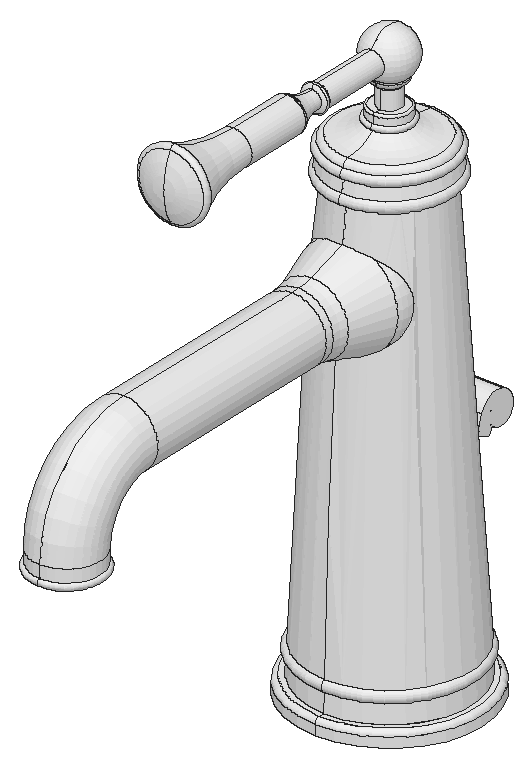
Revit family "Faucet_Lavatory-DXV-Randall-D3510210X_Series", category Plumbing Fixtures, Revit 2014
Parameters (values of type "D35102100.100")
  Width = 2 3/4"  # constant formula
  Waste Connection = no
  Warranty Documentation Link = "https://www.dxv.com/-/media/files/dxv/warranty/dxv_warranty_booklet.ashx"
  WFU = 2  # constant formula
  Vent Connection = no
  URL = "http://www.dxv.com/"
  Revised Date = "27/09/2017"  # constant formula
  Product Page URL = "https://www.dxv.com/product/randall-single-lever-monoblock-bathroom-faucet-by-dxv"
  Product Documentation Link = "https://dxv01.blob.core.windows.net/dxv-product-pdf-files/spec_D351021_DXV_Randall_vessel_faucets_EN.pdf"
  Price = "Prices may vary. Please consult Manufacturer Representative for most up-to-date price list."  # constant formula
  Model = "D35102100.100"
  Material = "Metal-DXV-100-Polished Chrome"
  Manufacturer = "DXV"  # constant formula
  Length = 6"  # constant formula
  Installation Type = "Deck Mounted"  # constant formula
  Hot Water Connection Diameter = 3/8"  # constant formula
  Height = 8 1/2"  # constant formula
  HWFU = 1.5  # constant formula
  HW Connection = yes
  Flow Rate = "1.5 GPM (5.7 L/min.)"
  Finish = Metal-DXV-100-Polished Chrome
  Description = "Randall Single Lever Faucets"  # constant formula
  Default Elevation = 0"
  Creation Date = "07/02/2014"  # constant formula
  Cold Water Connection Diameter = 3/8"  # constant formula
  CWFU = 1.5  # constant formula
  CW Connection = yes
  Assembly Code = "D2020300"
  ADA Compliant = yes
Types (7): name | Model | Material | Flow Rate | Finish
  (no name) | "D35102100.100" | "Metal-DXV-100-Polished Chrome" | "1.5 GPM (5.7 L/min.)" | Metal-DXV-100-Polished Chrome
  D35102100.100 | "D35102100.100" | "Metal-DXV-100-Polished Chrome" | "1.5 GPM (5.7 L/min.)" | Metal-DXV-100-Polished Chrome
  D35102100.144 | "D35102100.144" | "" | "1.5 GPM (5.7 L/min.)" | Metal-DXV-144-Brushed Nickel
  D35102100.150 | "D35102100.150" | "Metal-DXV-150-Platinum Nickel" | "1.5 GPM (5.7 L/min.)" | Metal-DXV-150-Platinum Nickel
  D3510210C.100 | "D3510210C.100" | "Metal-DXV-100-Polished Chrome" | "1.2 GPM (4.5 L/min.)" | Metal-DXV-100-Polished Chrome
  D3510210C.144 | "D3510210C.144" | "" | "1.2 GPM (4.5 L/min.)" | Metal-DXV-144-Brushed Nickel
  D3510210C.150 | "D3510210C.150" | "Metal-DXV-150-Platinum Nickel" | "1.2 GPM (4.5 L/min.)" | Metal-DXV-150-Platinum Nickel
Reference planes (in)
  plane 1 "Center (Front/Back)": y = 0
  plane 2: z = 0
  plane 3 "Center (Left/Right)": x = 0
  plane 4: y = -6
  plane 5: y = -4.1875
  plane 6: y = -1.375
  plane 7: y = 1.375
  plane 8: x = 1.375
  plane 9: x = -1.375
  plane 10: z = 8.5
  plane 11: z = 4.25
Forms (in)
  Revolve 1, solid, material "Metal-DXV-100-Polished Chrome" <- "Finish"
    sketch origin (0, 0, 0) x (0, 1, 0) y (0, 0, 1)
      loop
        line (0, 0) -> (1.375, 0) -> (1.375, 0.15053)
        arc (1.375, 0.15053) -> (1.35286, 0.20398) -> (1.29941, 0.22612) r 0.07559
        line (1.29941, 0.22612) -> (1.21469, 0.22612) -> (1.20492, 0.50598)
        arc (1.20492, 0.50598) -> (1.26235, 0.59141) -> (1.1991, 0.67262) r 0.08775
        arc (1.1991, 0.67262) -> (1.07457, 3.76928) -> (0.80994, 6.85713) r 68.42031
        arc (0.80994, 6.85713) -> (0.93092, 6.8957) -> (0.88811, 7.01524) r 0.08825
        line (0.88811, 7.01524) -> (0.8565, 7.19452)
        arc (0.8565, 7.19452) -> (0.9147, 7.26827) -> (0.85399, 7.33997) r 0.07422
        arc (0.85399, 7.33997) -> (0.82847, 7.40157) -> (0.76687, 7.42709) r 0.08712
        arc (0.76687, 7.42709) -> (0.51687, 7.47117) -> (0.29702, 7.5981) r 0.73095
        arc (0.29702, 7.5981) -> (0.33993, 7.64101) -> (0.29702, 7.68391) r 0.04291
        line (0.29702, 7.68391) -> (0.29702, 7.78925)
        arc (0.29702, 7.78925) -> (0.28923, 7.80807) -> (0.27041, 7.81586) r 0.02661
        line (0.27041, 7.81586) -> (0.16857, 7.81586) -> (0.16857, 8.09202)
        arc (0.16857, 8.09202) -> (0.17613, 8.11529) -> (0.19592, 8.1297) r 0.03963
        arc (0.19592, 8.1297) -> (0.23773, 8.15865) -> (0.25679, 8.2058) r 0.08878
        arc (0.25679, 8.2058) -> (0.26219, 8.22627) -> (0.27392, 8.24389) r 0.06461
        arc (0.27392, 8.24389) -> (0.344, 8.64931) -> (0, 8.875) r 0.375
        line (0, 8.875) -> (0, 0)
      axis (0, 8.875) -> (0, 0)
    angle from 0 to 360
  Revolve 2, solid, material "Metal-DXV-100-Polished Chrome" <- "Finish"
    sketch origin (0, 0, -3.8125) x (0, 1, 0) y (0, 0, 1)
      loop
        arc (-4.18694, 12.3125) -> (-4.15586, 12.064) -> (-4.06453, 11.83081) r 1.00896
        arc (-4.06453, 11.83081) -> (-4.01871, 11.78282) -> (-3.95613, 11.80485) r 0.06114
        arc (-3.95613, 11.80485) -> (-3.43874, 11.98686) -> (-2.89376, 12.04858) r 2.43721
        line (-2.89376, 12.04858) -> (-1.89147, 12.04858)
        arc (-1.89147, 12.04858) -> (-1.87302, 12.05143) -> (-1.8563, 12.05973) r 0.06107
        arc (-1.8563, 12.05973) -> (-1.65492, 12.15574) -> (-1.43311, 12.17963) r 0.66384
        arc (-1.43311, 12.17963) -> (-1.41826, 12.14605) -> (-1.3981, 12.11536) r 0.22275
        arc (-1.3981, 12.11536) -> (-1.38352, 12.10851) -> (-1.36935, 12.11619) r 0.01786
        arc (-1.36935, 12.11619) -> (-1.35553, 12.12839) -> (-1.33761, 12.13279) r 0.03863
        line (-1.33761, 12.13279) -> (-0.23311, 12.13279) -> (-0.23311, 12.3125) -> (-4.18694, 12.3125)
      axis (-0.23311, 12.3125) -> (-4.18694, 12.3125)
    angle from 0 to 360
  Sweep 3, solid, material "Metal-DXV-100-Polished Chrome" <- "Finish"
    path origin (0, 0, -3.875) x (0, 1, 0) y (0, 0, 1)
      loop
        line (-6, 8.125) -> (-6, 8.40499)
        arc (-6, 8.40499) -> (-5.68828, 9.15756) -> (-4.93571, 9.46928) r 1.06429
        line (-4.93571, 9.46928) -> (-1.80406, 9.46928)
    profile origin (0, -3.36989, 5.59428) x (0, 0, 1) y (1, 0, 0)
      loop
        circle (0, 0) r 0.5
  Extrusion 4, solid, material "Metal-DXV-100-Polished Chrome" <- "Finish"
    sketch origin (0, 0, 0) x (1, 0, 0) y (0, 1, 0)
      loop
        circle (-0.41398, 0) r 0.1875
      loop
        circle (0.41398, 0) r 0.1875
    from -0.01153 to 0.25
  Revolve 5, solid, material "Metal-DXV-100-Polished Chrome" <- "Finish"
    sketch origin (0, 0, 0) x (0, 1, 0) y (0, 0, 1)
      loop
        line (-1.80406, 6.09428) -> (-1.80406, 5.59428) -> (0, 5.59428) -> (0, 5.77879)
        arc (0, 5.77879) -> (-0.24571, 6.26103) -> (-0.78028, 6.3457) r 0.59608
        line (-0.78028, 6.3457) -> (-1.43789, 6.13203)
        arc (-1.43789, 6.13203) -> (-1.55557, 6.10378) -> (-1.67622, 6.09428) r 0.77125
        line (-1.67622, 6.09428) -> (-1.80406, 6.09428)
      axis (0, 5.59428) -> (-1.80406, 5.59428)
    angle from 0 to 360
  Extrusion 6, solid, material "Metal-DXV-100-Polished Chrome" <- "Finish"
    sketch origin (0, 0, 0) x (0, 1, 0) y (0, 0, 1)
      loop
        arc (1.22566, 2.98791) -> (1.22668, 2.96439) -> (1.24404, 2.94848) r 0.03077
        line (1.24404, 2.94848) -> (1.4164, 2.88575)
        arc (1.4164, 2.88575) -> (1.43905, 2.88674) -> (1.45436, 2.90345) r 0.02962
        line (1.45436, 2.90345) -> (1.48375, 2.9842)
        arc (1.48375, 2.9842) -> (1.45539, 3.03539) -> (1.44167, 3.09229) r 0.21793
        arc (1.44167, 3.09229) -> (1.45955, 3.18097) -> (1.5245, 3.24395) r 0.15262
        arc (1.5245, 3.24395) -> (1.56097, 3.25843) -> (1.59945, 3.26606) r 0.21566
        arc (1.59945, 3.26606) -> (1.47046, 3.17741) -> (1.47456, 3.02095) r 0.16401
        arc (1.47456, 3.02095) -> (1.5546, 2.94091) -> (1.66394, 2.91161) r 0.21868
        arc (1.66394, 2.91161) -> (1.81857, 2.97566) -> (1.88261, 3.13029) r 0.21868
        arc (1.88261, 3.13029) -> (1.8296, 3.29844) -> (1.68972, 3.40577) r 0.29316
        arc (1.68972, 3.40577) -> (1.46556, 3.39598) -> (1.31397, 3.23055) r 0.29316
        line (1.31397, 3.23055) -> (1.22566, 2.98791)
    from -0.32106 to 0.32882
  Revolve 7, solid, material "Metal-DXV-100-Polished Chrome" <- "Finish"
    sketch origin (0, 0, 0) x (0, 1, 0) y (0, 0, 1)
      loop
        line (-6, 4.25) -> (-5.50352, 4.25)
        arc (-5.50352, 4.25) -> (-5.45477, 4.29875) -> (-5.50352, 4.3475) r 0.04875
        line (-5.50352, 4.3475) -> (-6, 4.3475) -> (-6, 4.25)
      axis (-6, 4.3475) -> (-6, 4.25)
    angle from 0 to 360
  Extrusion 8, solid, material "Metal-DXV-100-Polished Chrome" <- "Finish"
    sketch origin (0, -1.07639, 0.60899) x (1, 0, 0) y (0, 0.939693, -0.34202)
      loop
        circle (0.0009, 1.47205) r 0.06512
    from 1.70475 to 2.99204
Cuts and joins
  joined: Revolve 1, Revolve 2, Sweep 3, Revolve 5, Extrusion 6, Revolve 7, Extrusion 8
Lines and regions (in)
  Masking region 1
    outline origin (0, 0, 0) x (1, 0, 0) y (0, 1, 0)
      loop
        arc (0.60068, -1.23685) -> (1.36738, 0.14454) -> (0.32882, 1.3351) r 1.375
        line (0.32882, 1.3351) -> (0.32882, 1.88261) -> (-0.32106, 1.88261) -> (-0.32106, 1.33699)
        arc (-0.32106, 1.33699) -> (-1.36696, 0.1485) -> (-0.60068, -1.23685) r 1.375
        arc (-0.60068, -1.23685) -> (-0.54314, -1.4351) -> (-0.5, -1.63697) r 2.86825
        line (-0.5, -1.63697) -> (-0.5, -3.95122)
        arc (-0.5, -3.95122) -> (-0.53188, -4.00469) -> (-0.5, -4.05815) r 0.06077
        line (-0.5, -4.05815) -> (-0.5, -5.76958)
        arc (-0.5, -5.76958) -> (0, -6.55054) -> (0.5, -5.76958) r 0.55054
        line (0.5, -5.76958) -> (0.5, -4.05815)
        arc (0.5, -4.05815) -> (0.53188, -4.00469) -> (0.5, -3.95122) r 0.06077
        line (0.5, -3.95122) -> (0.5, -1.63697)
        arc (0.5, -1.63697) -> (0.54314, -1.4351) -> (0.60068, -1.23685) r 2.86825
  symbolic lines, detail levels medium+fine
    curve 1: arc (-0.5, -4.05815, 0) -> (0, -4.18755, 0) -> (0.5, -4.05815, 0) r 1.0307
    curve 2: arc (-0.5, -3.95122, 0) -> (-0.32097, -3.41472, 0) -> (-0.26631, -2.85179, 0) r 2.51586
    curve 3: line (-0.26631, -2.85179, 0) -> (-0.26631, -1.89988, 0)
    curve 4: arc (-0.26631, -1.89988, 0) -> (-0.26086, -1.86896, 0) -> (-0.24516, -1.84177, 0) r 0.0904
    curve 5: arc (-0.24516, -1.84177, 0) -> (-0.15459, -1.6469, 0) -> (-0.13287, -1.43311, 0) r 0.64669
    curve 6: arc (-0.13287, -1.43311, 0) -> (-0.16671, -1.4189, 0) -> (-0.19741, -1.39879, 0) r 0.20169
    curve 7: arc (-0.19741, -1.39879, 0) -> (-0.20165, -1.37802, 0) -> (-0.18759, -1.36214, 0) r 0.02373
    curve 8: arc (-0.18759, -1.36214, 0) -> (-0.17828, -1.33913, 0) -> (-0.17916, -1.31432, 0) r 0.05958
    curve 9: line (-0.17916, -1.31432, 0) -> (-0.17916, -0.32914, 0)
    curve 10: arc (-0.17916, -0.32914, 0) -> (0.00059, 0.37556, 0) -> (0.17916, -0.32943, 0) r 0.37519
    curve 11: arc (0.5, -3.95122, 0) -> (0.32097, -3.41472, 0) -> (0.26631, -2.85179, 0) r 2.51586
    curve 12: line (0.26631, -2.85179, 0) -> (0.26631, -1.89988, 0)
    curve 13: arc (0.26631, -1.89988, 0) -> (0.26086, -1.86896, 0) -> (0.24516, -1.84177, 0) r 0.0904
    curve 14: arc (0.24516, -1.84177, 0) -> (0.15459, -1.6469, 0) -> (0.13287, -1.43311, 0) r 0.64669
    curve 15: arc (0.13287, -1.43311, 0) -> (0.16671, -1.4189, 0) -> (0.19741, -1.39879, 0) r 0.20169
    curve 16: arc (0.19741, -1.39879, 0) -> (0.20165, -1.37802, 0) -> (0.18759, -1.36214, 0) r 0.02373
    curve 17: arc (0.18759, -1.36214, 0) -> (0.17828, -1.33913, 0) -> (0.17916, -1.31432, 0) r 0.05958
    curve 18: line (0.17916, -1.31432, 0) -> (0.17916, -0.32943, 0)
    curve 29: line (-0.32106, 1.33699, 0) -> (-0.32106, 1.2238, 0)
    curve 30: line (-0.32106, 1.2238, 0) -> (-0.06452, 1.2238, 0)
    curve 31: line (-0.06452, 1.2238, 0) -> (-0.06452, 1.13603, 0)
    curve 32: arc (-0.06452, 1.13603, 0) -> (-0.00008, 1.12735, 0) -> (0.06436, 1.13603, 0) r 0.24339
    curve 33: line (0.06436, 1.13603, 0) -> (0.06436, 1.2238, 0)
    curve 34: line (0.32882, 1.3351, 0) -> (0.32882, 1.2238, 0)
    curve 35: line (0.32882, 1.2238, 0) -> (0.06436, 1.2238, 0)
  symbolic lines, detail levels fine
    curve 19: line (-0.5, -5.76958, 0) -> (-0.5, -6, 0)
    curve 20: arc (-0.5, -6, 0) -> (0, -6.5, 0) -> (0.5, -6, 0) r 0.5
    curve 21: line (0.5, -6, 0) -> (0.5, -5.76958, 0)
    curve 22: line (-0.48833, -4.06453, 0) -> (0.48833, -4.06453, 0)
    curve 23: line (-0.5, -3.95122, 0) -> (0.5, -3.95122, 0)
    curve 24: line (-0.13287, -1.43311, 0) -> (0.13287, -1.43311, 0)
    curve 25: arc (-0.60068, -1.23685, 0) -> (-0.69716, -0.93579, 0) -> (-0.78553, -0.63225, 0) r 11.77055
    curve 26: arc (-0.78553, -0.63225, 0) -> (-0.78852, -0.56941, 0) -> (-0.76422, -0.51139, 0) r 0.14273
    curve 27: arc (-0.17916, -0.82173, 0) -> (0, 0.85404, 0) -> (0.17916, -0.82173, 0) r 0.84746
    curve 28: circle (0, 0, 0) r 0.29702 normal (0, 0, 1)
    curve 36: line (-0.06452, 1.2238, 0) -> (0.06436, 1.2238, 0)
    curve 37: arc (0.60068, -1.23685, 0) -> (0.69716, -0.93579, 0) -> (0.78553, -0.63225, 0) r 11.77055
    curve 38: arc (0.78553, -0.63225, 0) -> (0.78852, -0.56941, 0) -> (0.76422, -0.51139, 0) r 0.14273
    curve 39: arc (-0.17916, -0.32914, 0) -> (-0.00044, -0.3184, 0) -> (0.17828, -0.32914, 0) r 1.4933
    curve 40: arc (-0.17916, -0.78988, 0) -> (0, 0.80994, 0) -> (0.17916, -0.78988, 0) r 0.80994
    curve 41: arc (-0.77803, -0.53542, 0) -> (0, 0.94484, 0) -> (0.77803, -0.53542, 0) r 0.9446
    curve 42: arc (-0.68191, -1.00522, 0) -> (-1.17021, 0.3257, 0) -> (-0.06452, 1.21298, 0) r 1.21469
    curve 43: arc (0.06436, 1.21298, 0) -> (1.17019, 0.32578, 0) -> (0.68191, -1.00522, 0) r 1.21469
Dimensions and locks (in)
  "Height": plane 10 to plane 2
  plane 1 "Center (Front/Back)" to plane 5 = 4 3/16"
  plane 11 to plane 2 = 4 1/4"
  "Length": plane 1 "Center (Front/Back)" to plane 4
  "Width": plane 7 to plane 6
Automatic sketch dimensions
  Revolve 1 sketch curve to level = 0"
  Revolve 1 sketch curve to plane 1 "Center (Front/Back)" = 0"  (x2)
  Revolve 1 sketch curve to plane 7 = 0"
  Revolve 1 sketch curve to plane 10 = 0"
  Revolve 1 sketch curve to level = 0.52754"
  plane 4 to Revolve 1 sketch curve = 61.21068"
  Revolve 1 sketch curve to plane 1 "Center (Front/Back)" = 0.1684"
  Revolve 1 sketch curve to plane 1 "Center (Front/Back)" = 0.16857"
  Revolve 1 sketch curve to Revolve 1 sketch curve = 0.03963"
  Revolve 1 sketch curve to Revolve 1 sketch curve = 0.10184"
  Revolve 1 sketch curve to Revolve 1 sketch curve = 0.02661"
  Revolve 1 sketch curve to Revolve 1 sketch curve = 0.15272"
  Revolve 1 sketch curve to Revolve 1 sketch curve = 0.46985"
  Revolve 1 sketch curve to Revolve 1 sketch curve = 0.07362"
  Revolve 1 sketch curve to Revolve 1 sketch curve = 0.01132"
  Revolve 1 sketch curve to Revolve 1 sketch curve = 0.01601"
  Revolve 1 sketch curve to Revolve 1 sketch curve = 0.0363"
  plane 7 to Revolve 1 sketch curve = 0.20035"
  Revolve 1 sketch curve to Revolve 1 sketch curve = 0.03027"
  plane 7 to Revolve 1 sketch curve = 0.16031"
  plane 7 to Revolve 1 sketch curve = 0.07559"
  Revolve 1 sketch curve to Revolve 1 sketch curve = 0.15053"
  Revolve 1 sketch curve to Revolve 1 sketch curve = 0.27985"
  Revolve 1 sketch curve to Revolve 1 sketch curve = 0.08237"
  Revolve 1 sketch curve to plane 10 = 1.56519"
  Revolve 1 sketch curve to Revolve 1 sketch curve = 0.08043"
  Revolve 1 sketch curve to Revolve 1 sketch curve = 0.17928"
  Revolve 1 sketch curve to Revolve 1 sketch curve = 0.07247"
  Revolve 1 sketch curve to Revolve 1 sketch curve = 0.07298"
  Revolve 1 sketch curve to Revolve 1 sketch curve = 0.21392"
  Revolve 1 sketch curve to Revolve 1 sketch curve = 0.04291"
  Revolve 1 sketch curve to Revolve 1 sketch curve = 0.10534"
  Revolve 1 sketch curve to Revolve 1 sketch curve = 0.27615"
  Revolve 1 sketch curve to plane 10 = 0.34196"
  Revolve 1 sketch curve to Revolve 1 sketch curve = 0.10775"
  Revolve 1 sketch curve to Revolve 1 sketch curve = 0.12209"
  Revolve 1 sketch curve to Revolve 1 sketch curve = 3/8"
  Revolve 1 sketch curve to Revolve 1 sketch curve = 0"  (x2)
  Revolve 1 sketch curve to Revolve 1 sketch curve = 0.04187"
  plane 11 to Revolve 1 sketch curve = 0.11294"
  Revolve 1 sketch curve to Revolve 1 sketch curve = 0.49419"
  Revolve 2 sketch curve to plane 10 = 0"  (x2)
  Revolve 2 sketch curve to plane 5 = 0.00056"
  Revolve 2 sketch curve to plane 5 = 0.18303"
  Revolve 2 sketch curve to Revolve 2 sketch curve = 0.82649"
  Revolve 2 sketch curve to plane 5 = 1.29374"
  Revolve 2 sketch curve to plane 10 = 0.26392"
  Revolve 2 sketch curve to plane 6 = 0.51647"
  Revolve 2 sketch curve to plane 6 = 0.09896"
  Revolve 2 sketch curve to plane 6 = 0.00903"
  plane 6 to Revolve 2 sketch curve = 0.03739"
  plane 6 to Revolve 2 sketch curve = 39/256"
  plane 1 "Center (Front/Back)" to Revolve 2 sketch curve = 0.23311"
  Revolve 2 sketch curve to plane 10 = 0.47022"
  Revolve 2 sketch curve to Revolve 2 sketch curve = 0.53154"
  plane 11 to Revolve 2 sketch curve = 1.54887"
  Revolve 2 sketch curve to plane 10 = 0.21834"
  Revolve 2 sketch curve to Revolve 2 sketch curve = 0.06107"
  Revolve 2 sketch curve to Revolve 2 sketch curve = 0.0322"
  Revolve 2 sketch curve to Revolve 2 sketch curve = 23/128"
  Revolve 2 sketch curve to plane 10 = 0.05988"
  Revolve 2 sketch curve to Revolve 2 sketch curve = 0.06006"
  Revolve 2 sketch curve to Revolve 2 sketch curve = 0.23933"
  Revolve 2 sketch curve to Revolve 2 sketch curve = 0"  (x2)
  Revolve 2 sketch curve to plane 6 = 0.05811"
  Revolve 2 sketch curve to plane 6 = 0.05546"
  Sweep 3 sketch curve to plane 4 = 0"
  Sweep 3 sketch curve to plane 11 = 0"
  plane 11 to Sweep 3 sketch curve = 0.27999"
  plane 5 to Sweep 3 sketch curve = 0.74821"
  Sweep 3 sketch curve to plane 6 = 0.42906"
  Sweep 3 sketch curve to profile plane = 0"  (x2)
  plane 1 "Center (Front/Back)" to Extrusion 4 sketch curve = 0"  (x2)
  Extrusion 4 sketch curve to plane 3 "Center (Left/Right)" = 0.41398"
  plane 3 "Center (Left/Right)" to Extrusion 4 sketch curve = 0.41398"
  Revolve 5 sketch curve to plane 1 "Center (Front/Back)" = 0"
  Revolve 5 sketch curve to Revolve 5 sketch curve = 0.59608"
  plane 6 to Revolve 5 sketch curve = 0.59472"
  Revolve 5 sketch curve to plane 6 = 0.06289"
  Revolve 5 sketch curve to Revolve 5 sketch curve = 0.23833"
  Revolve 5 sketch curve to Revolve 5 sketch curve = 0.12785"
  plane 11 to Revolve 5 sketch curve = 1.34428"
  Revolve 5 sketch curve to Revolve 5 sketch curve = 0.18451"
  Revolve 5 sketch curve to Revolve 5 sketch curve = 1/2"
  Revolve 5 sketch curve to Revolve 5 sketch curve = 0.03775"
  plane 6 to Revolve 5 sketch curve = 0.07094"
  Revolve 5 sketch curve to plane 6 = 0.20298"
  Revolve 5 sketch curve to Revolve 5 sketch curve = 0"
  Extrusion 6 sketch curve to Extrusion 6 sketch curve = 0"  (x7)
  plane 7 to Extrusion 6 sketch curve = 0.14934"
  Extrusion 6 sketch curve to Extrusion 6 sketch curve = 0.01839"
  Extrusion 6 sketch curve to Extrusion 6 sketch curve = 0.02891"  (x2)
  plane 7 to Extrusion 6 sketch curve = 0.06103"
  Extrusion 6 sketch curve to plane 7 = 0.0414"
  Extrusion 6 sketch curve to Extrusion 6 sketch curve = 0.01013"
  Extrusion 6 sketch curve to Extrusion 6 sketch curve = 0.02783"
  Extrusion 6 sketch curve to Extrusion 6 sketch curve = 0.02939"
  Extrusion 6 sketch curve to Extrusion 6 sketch curve = 0.1057"
  Extrusion 6 sketch curve to Extrusion 6 sketch curve = 0.00404"
  Extrusion 6 sketch curve to Extrusion 6 sketch curve = 0.0231"
  Extrusion 6 sketch curve to Extrusion 6 sketch curve = 0.0054"
  Extrusion 6 sketch curve to Extrusion 6 sketch curve = 0.04187"
  Extrusion 6 sketch curve to Extrusion 6 sketch curve = 0.00547"
  Extrusion 6 sketch curve to plane 11 = 1.36425"
  Extrusion 6 sketch curve to Extrusion 6 sketch curve = 0.0177"
  Extrusion 6 sketch curve to Extrusion 6 sketch curve = 0.06273"
  Extrusion 6 sketch curve to Extrusion 6 sketch curve = 0.08075"
  Extrusion 6 sketch curve to Extrusion 6 sketch curve = 0.06738"
  Extrusion 6 sketch curve to Extrusion 6 sketch curve = 0.05137"
  Extrusion 6 sketch curve to Extrusion 6 sketch curve = 0.00486"
  Extrusion 6 sketch curve to Extrusion 6 sketch curve = 0.01151"
  Extrusion 6 sketch curve to Extrusion 6 sketch curve = 0.01583"
  Extrusion 6 sketch curve to Extrusion 6 sketch curve = 0.13827"
  Extrusion 6 sketch curve to Extrusion 6 sketch curve = 0.00919"
  Extrusion 6 sketch curve to Extrusion 6 sketch curve = 0.09027"
  Revolve 7 sketch curve to plane 4 = 0"  (x2)
  Revolve 7 sketch curve to plane 11 = 0"
  plane 11 to Revolve 7 sketch curve = 0.04875"
  Revolve 7 sketch curve to plane 4 = 0.49648"
  Revolve 7 sketch curve to Revolve 7 sketch curve = 0.25744"
  Revolve 7 sketch curve to Revolve 7 sketch curve = 0.03477"
  plane 3 "Center (Left/Right)" to Extrusion 8 sketch curve = 0.0009"
  Masking region 1 sketch curve to plane 4 = 0.23042"  (x2)
  Masking region 1 sketch curve to plane 3 "Center (Left/Right)" = 0"  (x2)
  plane 1 "Center (Front/Back)" to Masking region 1 sketch curve = 0"
  plane 4 to Masking region 1 sketch curve = 0"
  Masking region 1 sketch curve to plane 3 "Center (Left/Right)" = 0.32106"
  Masking region 1 sketch curve to Masking region 1 sketch curve = 0.02889"  (x3)
  Masking region 1 sketch curve to plane 3 "Center (Left/Right)" = 1/2"
  Masking region 1 sketch curve to plane 6 = 0.76002"  (x2)
  plane 3 "Center (Left/Right)" to Masking region 1 sketch curve = 0.32882"
  plane 3 "Center (Left/Right)" to Masking region 1 sketch curve = 0.47111"
  Masking region 1 sketch curve to plane 5 = 0.12935"  (x2)
  Masking region 1 sketch curve to Masking region 1 sketch curve = 0.05347"  (x2)
  Masking region 1 sketch curve to plane 6 = 0.26197"  (x2)
  Masking region 1 sketch curve to plane 7 = 0.50761"
  plane 6 to Masking region 1 sketch curve = 0.13815"  (x2)
  plane 7 to Masking region 1 sketch curve = 0.0399"
  Masking region 1 sketch curve to Masking region 1 sketch curve = 0"  (x3)
  plane 7 to Masking region 1 sketch curve = 0.03801"
  curve 28 to curve 40 = 0"
  curve 28 to curve 42 = 0"
  curve 40 to curve 42 = 0"  (x2)
  plane 4 to curve 20 = 0"
  curve 20 to plane 3 "Center (Left/Right)" = 0"
  curve 27 to plane 3 "Center (Left/Right)" = 0"
  plane 1 "Center (Front/Back)" to curve 28 = 0"
  curve 28 to plane 3 "Center (Left/Right)" = 0"
  curve 1 to plane 3 "Center (Left/Right)" = 0"
  curve 41 to plane 3 "Center (Left/Right)" = 0"
  curve 32 to plane 3 "Center (Left/Right)" = 0.00008"
  curve 39 to plane 3 "Center (Left/Right)" = 0.00044"
  curve 30 to plane 3 "Center (Left/Right)" = 0.06452"
  curve 6 to plane 3 "Center (Left/Right)" = 0.07202"
  curve 24 to plane 6 = 0.05811"
  curve 24 to plane 3 "Center (Left/Right)" = 0.13287"
  curve 4 to plane 3 "Center (Left/Right)" = 0.17591"
  curve 7 to plane 6 = 0.00916"
  curve 7 to curve 5 = 0.04587"
  curve 9 to curve 7 = 0.00042"
  curve 8 to curve 8 = 0.0578"
  curve 3 to plane 3 "Center (Left/Right)" = 0.26631"
  curve 19 to plane 3 "Center (Left/Right)" = 1/2"
  curve 23 to plane 5 = 0.23628"
  curve 23 to plane 3 "Center (Left/Right)" = 1/2"
  curve 26 to curve 40 = 0.46881"
  curve 5 to plane 6 = 0.10056"
  curve 5 to curve 8 = 0.5412"
  curve 2 to plane 5 = 1.29585"
  curve 2 to curve 5 = 2.00369"
  curve 37 to plane 7 = 1.13058"
  plane 9 to curve 37 = 9.18407"
  plane 3 "Center (Left/Right)" to curve 10 = 0.00027"
  plane 3 "Center (Left/Right)" to curve 36 = 0.06436"
  plane 3 "Center (Left/Right)" to curve 15 = 0.07202"
  plane 3 "Center (Left/Right)" to curve 24 = 0.13287"
  plane 3 "Center (Left/Right)" to curve 13 = 0.17591"
  curve 16 to plane 6 = 0.00916"
  curve 24 to curve 16 = 0.04587"
  curve 16 to curve 18 = 0.00042"
  curve 17 to curve 17 = 0.0578"
  curve 13 to curve 12 = 0.0904"
  curve 33 to curve 34 = 0.26446"
  plane 3 "Center (Left/Right)" to curve 23 = 1/2"
  curve 40 to curve 38 = 0.46881"
  curve 14 to plane 6 = 0.10056"
  curve 17 to curve 14 = 0.5412"
  curve 11 to plane 5 = 1.29585"
  curve 14 to curve 11 = 2.00369"
  curve 25 to plane 7 = 1.13058"
  plane 8 to curve 25 = 9.18407"
  curve 1 to curve 3 = 0.30506"
  curve 13 to curve 14 = 0.46677"
  curve 3 to curve 13 = 0"
  curve 4 to curve 39 = 0.08817"
  plane 6 to curve 8 = 0.04622"
  plane 6 to curve 17 = 0.04622"
  curve 17 to curve 18 = 0.01446"
  curve 8 to curve 9 = 0.01446"
  curve 9 to curve 6 = 0.0735"
  curve 18 to curve 15 = 0.0735"
  plane 1 "Center (Front/Back)" to curve 26 = 0.5942"
  plane 1 "Center (Front/Back)" to curve 38 = 0.5942"
  plane 1 "Center (Front/Back)" to curve 18 = 0.32943"
  plane 1 "Center (Front/Back)" to curve 9 = 0.32914"
  curve 41 to plane 1 "Center (Front/Back)" = 0.00025"
  curve 10 to curve 27 = 0.00621"
  plane 7 to curve 33 = 0.23897"
  curve 32 to curve 36 = 0.08777"
  plane 7 to curve 32 = 0.00426"
  plane 6 to curve 8 = 0.01286"
  curve 30 to curve 30 = 0.25654"
  plane 7 to curve 29 = 0.03801"
  curve 23 to curve 22 = 0.01167"
  curve 1 to curve 22 = 0.01167"
  plane 6 to curve 25 = 0.13815"
  curve 5 to curve 25 = 0.17748"
  curve 42 to curve 25 = 0.08123"
  curve 25 to curve 26 = 0.02131"
  curve 41 to curve 26 = 0.01381"
  curve 26 to curve 25 = 0"
  curve 39 to curve 10 = 0.00088"
  plane 6 to curve 17 = 0.01286"
  curve 22 to curve 1 = 0.01167"
  plane 6 to curve 37 = 0.13815"
  curve 37 to curve 14 = 0.17748"
  curve 37 to curve 43 = 0.08123"
  curve 38 to curve 37 = 0.02131"
  curve 38 to curve 41 = 0.01381"
  curve 19 to curve 19 = 0.23042"
  curve 21 to curve 21 = 0.23042"
  curve 22 to curve 11 = 0.11331"
  curve 25 to curve 42 = 0.23163"
  curve 6 to curve 27 = 0.41909"
  curve 27 to curve 40 = 0.03185"
  plane 7 to curve 34 = 0.0399"
  curve 37 to curve 43 = 0.23163"
  curve 28 to curve 43 = 0"  (x2)
  radius of Sweep 3 sketch curve = 1/2"
  radius of Extrusion 4 sketch curve = 3/16"  (x2)
  radius of Extrusion 8 sketch curve = 0.06512"
  radius of curve 28 = 0.29702"
Connectors (in)
  piping at (-0.41398, 0, -0.01153), diameter 0.375, driven by "HWFU", driven by "Hot Water Connection Diameter"
    settings: on Extrusion 4, index 1, connector inside diameter 24", connector length 0", flow factor 0, pipe flow 0 GPM, pressure drop 0.00 psi, fitting loss kfactor 0, connector angle 0.00°, fixture units 1.5, engagement length 0", angle of deflection 0.00°, flow configuration 3, flow direction 1, fitting loss method 0, system type 19, joint type 0, gender type 0, connector reference index -1, connector utility 0, adjustable connector no, is connector primary yes, connector description "3/8\" HW Inlet Connection"
  piping at (0.41398, 0, -0.01153), diameter 0.375, driven by "Cold Water Connection Diameter", driven by "CWFU"
    settings: on Extrusion 4, index 2, connector inside diameter 24", connector length 0", flow factor 0, pipe flow 0 GPM, pressure drop 0.00 psi, fitting loss kfactor 0, connector angle 0.00°, fixture units 1.5, engagement length 0", angle of deflection 0.00°, flow configuration 3, flow direction 1, fitting loss method 0, system type 20, joint type 0, gender type 0, connector reference index -1, connector utility 0, adjustable connector no, is connector primary no, connector description "3/8\" CW Inlet Connection"
